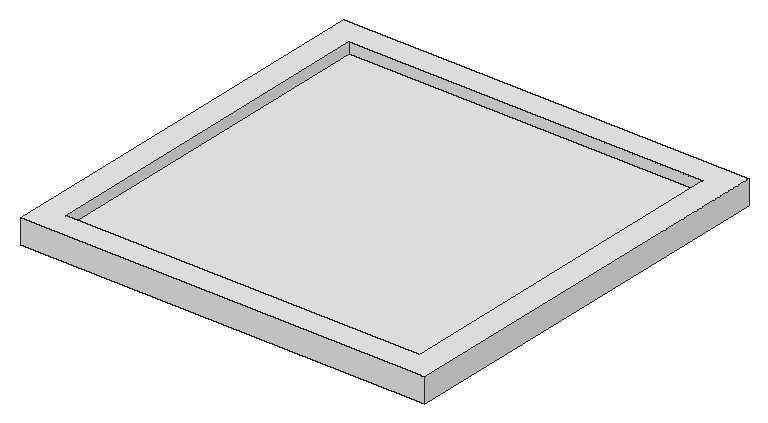
Revit family "LBSE-SQD", category Lighting Fixtures, host Face, Revit 2021
Family settings
  Host = Face
  Round Connector Dimension = Use Diameter
  Part Type = Normal
  OmniClass Number = 23.80.70.11.14.11
  OmniClass Title = Downlights
  Cut with Voids When Loaded = No
  Light Source = Yes
  Shared = Yes
  Room Calculation Point = No
Parameters (values of type "LBSE-8SQD")
  Width = 8.00"
  Wattage Comments = ""
  Wattage = 25 W
  Warranty = "Five Year warranty"  # constant formula
  built-in parameter 1150110 = 1 (stored number, unit not read)
  Voltage = if(Is 120V, 120 V, 277 V)  # 120 V
  URL = "https://www.currentlighting.com/prescolite"
  built-in parameter 1114217 = 1 (stored number, unit not read)
  Tilt Angle = -90.00°
  built-in parameter 1150109 = 1 (stored number, unit not read)
  built-in parameter 1150134 = (empty or 0)
  built-in parameter 1150113 = 1 (stored number, unit not read)
  Product Page URL = ""
  Product Material = Paint - White
  Product Documentation Link = ""
  Photometric Web Link = ""
  Photometric Web File = "LBSE-8SQD-30K8.ies"
  Photometric Notes = "More IES files download on Photometric Web Link"  # constant formula
  Model = "LBSE-SQD"  # constant formula
  Manufacturer = "Prescolite"  # constant formula
  built-in parameter 1150105 = -1348600 (stored number, unit not read)
  Lumens = 2200 lm
  built-in parameter 1150115 = 1 (stored number, unit not read)
  Load Classification = Lighting
  built-in parameter 1150137 = (empty or 0)
  built-in parameter 1150139 = (empty or 0)
  built-in parameter 1150112 = 1 (stored number, unit not read)
  built-in parameter 1150114 = 1 (stored number, unit not read)
  Lamp = " LED's"  # constant formula
  Is 277V = not(Is 120V)  # no
  Is 120V = yes
  built-in parameter 1150132 = (empty or 0)
  built-in parameter 1150102 = (empty or 0)
  built-in parameter 1150107 = 3000 (stored number, unit not read)
  built-in parameter 1150138 = (empty or 0)
  built-in parameter 1150106 = -13486 (stored number, unit not read)
  Glass = White Glass
  Frequency = 60 Hz  # constant formula
  Features = "•\t4-inch 6-inch and 8-inch aperture, delivering 750-1750 lumens\r\n•\tLow surface profile of ½-inch\r\n•\tQuick snap installation with no housing required\r\n•\tInstalls directly to most 3-1/2inch and 4inch J-Boxes\r\n•\tFixed CCT (3000K or 3500K, 80+ CRI) options\r\n•\tUniversal 120-277V, ideal for commercial applications\r\n•\tAll models standard with 0-10V/Triac/ELV dimming\r\n•\tLong life L80 at 54,000 hrs (TM-21)\r\n•\tFive year warranty\r\n\r\n"  # constant formula
  Emit from Rectangle Width = 7.50"
  Emit from Rectangle Length = 7.50"
  Emit Shape Visible in Rendering = yes
  built-in parameter 1150104 = 8.1755 (stored number, unit not read)
  Dimming Lamp Color Temperature Shift = <None>
  Description = "LITEBOX® Edge-Lit Square Fixed CCT Direct J-Box Mount"  # constant formula
  Default Elevation = 48.00"
  Copyrights = "© Prescolite"  # constant formula
  Contact Us = ""
  Connector Description = "Lighting Connector"  # constant formula
  Color Filter = 16777215
  Certifications = "cETLus listed to UL1598\r\n• Can be used in direct contact with insulation\r\n(IC Rated)\r\n• Suitable for wet locations, covered ceiling\r\n• Suitable for use in clothes closets when\r\ninstalled in accordance to N.E.C. 410.16\r\n• ENERGY STAR® certified"  # constant formula
  built-in parameter 1114218 = 1 (stored number, unit not read)
  built-in parameter 1150133 = 10 (stored number, unit not read)
  Apparent Load = 52 VA
Types (4): name | Width | Photometric Web File | built-in parameter 1150105 | built-in parameter 1150106 | Emit from Rectangle Width | Emit from Rectangle Length
  (no name) | 8.00" | "LBSE-8SQD-30K8.ies" | -1348600 (stored number, unit not read) | -13486 (stored number, unit not read) | 7.50" | 7.50"
  LBSE-4SQD | 4.16016" | "LBSE-4SQD-30K8.ies" | -607200 (stored number, unit not read) | -6072 (stored number, unit not read) | 3.50" | 3.50"
  LBSE-6SQD | 6.00" | "LBSE-6SQD-30K8.ies" | -877800 (stored number, unit not read) | -8778 (stored number, unit not read) | 5.50" | 5.50"
  LBSE-8SQD | 8.00" | "LBSE-8SQD-30K8.ies" | -1348600 (stored number, unit not read) | -13486 (stored number, unit not read) | 7.50" | 7.50"
Reference planes (in)
  plane 1 "Center (Front/Back)": y = 0
  plane 2: z = 0
  plane 3 "Center (Left/Right)": x = 0
  plane 4: y = 4
  plane 5: y = -4
  plane 6: x = -4
  plane 7: x = 4
  plane 8: z = 0.48047
  plane 9: z = 1.41016
  plane 10: x = 3.5
  plane 11: x = -3.5
  plane 12: y = 3.5
  plane 13: y = -3.5
  plane 14: x = 1
  plane 15: x = -1
  plane 16: y = 1
  plane 17: y = -1
Forms (in)
  Extrusion 1, solid, material "Paint - White" <- "Product Material"
    sketch origin (0, 0, 0) x (1, 0, 0) y (0, 1, 0)
      loop
        line (-4, 4) -> (-4, -4) -> (4, -4) -> (4, 4) -> (-4, 4)
      loop
        line (-3.5, 3.5) -> (-3.5, -3.5) -> (3.5, -3.5) -> (3.5, 3.5) -> (-3.5, 3.5)
    from 0 to 0.48
  Extrusion 2, solid, material "Paint - White" <- "Product Material"
    sketch origin (0, 0, 0) x (1, 0, 0) y (0, 1, 0)
      loop
        line (-3.5, 3.5) -> (-3.5, -3.5) -> (3.5, -3.5) -> (3.5, 3.5) -> (-3.5, 3.5)
    from 0.28 to 0.15
  Extrusion 3, solid, material "White Glass" <- "Glass"
    sketch origin (0, 0, 0) x (1, 0, 0) y (0, 1, 0)
      loop
        line (-3.5, -3.5) -> (3.5, -3.5) -> (3.5, 3.5) -> (-3.5, 3.5) -> (-3.5, -3.5)
    from 0.28 to 0.15
  Extrusion 4, solid, material "Paint - White" <- "Product Material"
    sketch origin (0, 0, 0) x (1, 0, 0) y (0, 1, 0)
      loop
        line (-1, -1) -> (1, -1) -> (1, 1) -> (-1, 1) -> (-1, -1)
    from 0 to -0.93
  Extrusion 5, solid, material "White Glass" <- "Glass"
    sketch origin (0, 0, 0) x (1, 0, 0) y (0, 1, 0)
      loop
        line (-3.5, -3.5) -> (3.5, -3.5) -> (3.5, 3.5) -> (-3.5, 3.5) -> (-3.5, -3.5)
    from 0.28 to 0.15
  Extrusion 6, solid, material "Paint - White" <- "Product Material"
    sketch origin (0, 0, -0.15) x (1, 0, 0) y (0, 1, 0)
      loop
        line (-3.5, -3.5) -> (3.5, -3.5) -> (3.5, 3.5) -> (-3.5, 3.5) -> (-3.5, -3.5)
    from 0.3 to 0.15
Dimensions and locks (in)
  "Width": plane 5 to plane 4
  "Width": plane 6 to plane 7
  equal spacing: plane 6, plane 3 "Center (Left/Right)", plane 7
  equal spacing: plane 5, plane 1 "Center (Front/Back)", plane 4
  locked: plane 12 to plane 4 at 0.5
  locked: plane 5 to plane 13 at 0.5
  locked: plane 6 to plane 11 at 0.5
  locked: plane 10 to plane 7 at 0.5
  locked: plane 15 to plane 14 at 2
  locked: plane 17 to plane 16 at 2
  aligned and locked: plane 2 to host face
  aligned and locked: level to host face
  aligned and locked: plane 4 to Extrusion 1 sketch curve
  aligned and locked: plane 6 to Extrusion 1 sketch curve
  aligned and locked: Extrusion 1 sketch curve to plane 5
  aligned and locked: Extrusion 1 sketch curve to plane 7
  aligned and locked: plane 12 to Extrusion 1 sketch curve
  aligned and locked: plane 11 to Extrusion 1 sketch curve
  aligned and locked: Extrusion 1 sketch curve to plane 13
  aligned and locked: Extrusion 1 sketch curve to plane 10
  aligned and locked: Extrusion 2 sketch curve to Extrusion 1  (x4)
  aligned and locked: Extrusion 3 sketch curve to Extrusion 1  (x4)
  aligned and locked: plane 10 to Extrusion 5
  aligned and locked: plane 13 to Extrusion 5
  aligned and locked: Extrusion 5 to plane 12
  aligned and locked: Extrusion 5 to plane 11
  aligned and locked: plane 14 to Extrusion 4
  aligned and locked: plane 17 to Extrusion 4
  aligned and locked: Extrusion 4 to plane 15
  aligned and locked: Extrusion 4 to plane 16
Automatic sketch dimensions
  host sketch curve to host sketch curve = 96.00"  (x2)
  plane 11 to Extrusion 5 sketch curve = 0.00"
  Extrusion 5 sketch curve to plane 10 = 0.00"
  Extrusion 5 sketch curve to plane 13 = 0.00"
  plane 12 to Extrusion 5 sketch curve = 0.00"
  Extrusion 6 sketch curve to plane 11 = 0.00"
  Extrusion 6 sketch curve to plane 10 = 0.00"
  plane 13 to Extrusion 6 sketch curve = 0.00"
  plane 12 to Extrusion 6 sketch curve = 0.00"
  plane 11 to Extrusion 4 sketch curve = 2.50"
  Extrusion 4 sketch curve to plane 10 = 2.50"
  Extrusion 4 sketch curve to plane 13 = 2.50"
  plane 12 to Extrusion 4 sketch curve = 2.50"
Connectors (in)
  electrical at (0, 0, 0), driven by "Connector Description", driven by "Voltage", driven by "Apparent Load", driven by "Load Classification"
    settings: on host face, index 1, voltage 120 V, apparent load 52 VA, apparent load phase1 0 VA, apparent load phase2 0 VA, apparent load phase3 0 VA, power factor 0.9, load classification "Lighting", number of poles 1, system type 30, power factor state 1, is connector primary yes, connector utility no, sub classification motor no, connector description "Lighting Connector"
